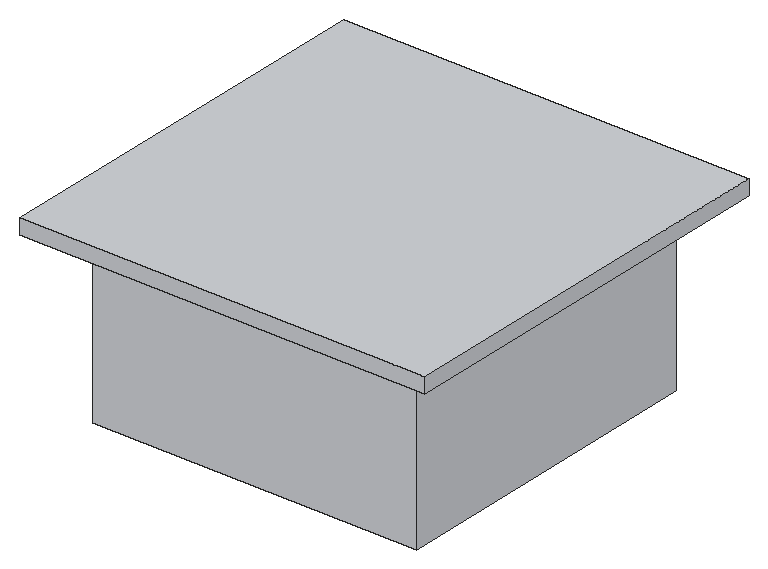
Revit family "2e686ea4b3ec4c448654fa5014c09d65", category Fire Alarm Devices, host Face, Revit 2021
Family settings
  Host = Face
  Maintain Annotation Orientation = Yes
  Round Connector Dimension = Use Diameter
  Part Type = Normal
  OmniClass Number = 23.85.30.21.11.17
  OmniClass Title = Other Components
  Seek Item ID = Fire Alarm Horn - Wall Mounted-0000-USA-ENU
  Cut with Voids When Loaded = No
  Shared = No
  Room Calculation Point = No
Parameters (values of type "Standard")
  Material = none
  Default Elevation = 4' - 0"
Reference planes (in)
  plane 1 "Center (Front/Back)": y = 0
  plane 2: z = 0
  plane 3 "Center (Left/Right)": x = 0
  plane 4: x = -2.5
  plane 5: x = 2.5
  plane 6: y = 2.5
  plane 7: y = -2.5
  plane 8: z = 0.1875
  plane 9: z = -2.125
  plane 10: y = 2
  plane 11: y = -2
  plane 12: x = -2
  plane 13: x = 2
Forms (in)
  Extrusion 1, solid, material <- "Material"
    sketch origin (0, 0, 0) x (1, 0, 0) y (0, 1, 0)
      loop
        line (-2.5, 2.5) -> (-2.5, -2.5) -> (2.5, -2.5) -> (2.5, 2.5) -> (-2.5, 2.5)
    from 0 to 0.1875
  Extrusion 2, solid, material <- "Material"
    sketch origin (0, 0, 0) x (1, 0, 0) y (0, 1, 0)
      loop
        line (-2, 2) -> (-2, -2) -> (2, -2) -> (2, 2) -> (-2, 2)
    from 0 to -2.125
Cuts and joins
  joined: Extrusion 1, Extrusion 2
Lines and regions (in)
  symbolic lines, detail levels fine
    curve 1: line (2.5, 0, 0.1875) -> (-2.5, 0, 0.1875)
    curve 2: line (-2.5, 0, 0.1875) -> (-2.5, 0, 0)
    curve 3: line (-2.5, 0, 0) -> (2.5, 0, 0)
    curve 4: line (-2, 0, 0) -> (-2, 0, -2.125)
    curve 5: line (-2, 0, -2.125) -> (2, 0, -2.125)
    curve 6: line (2, 0, -2.125) -> (2, 0, 0)
    curve 7: line (2.5, 0, 0) -> (2.5, 0, 0.1875)
Dimensions and locks (in)
  equal spacing: plane 4, plane 3 "Center (Left/Right)", plane 5
  equal spacing: plane 6, plane 1 "Center (Front/Back)", plane 7
  locked: plane 4 to plane 5 at 5
  locked: plane 6 to plane 7 at 5
  locked: plane 8 to plane 2 at 0.1875
  locked: plane 2 to plane 9 at 2.125
  equal spacing: plane 12, plane 3 "Center (Left/Right)", plane 13
  equal spacing: plane 10, plane 1 "Center (Front/Back)", plane 11
  locked: plane 10 to plane 11 at 4
  locked: plane 12 to plane 13 at 4
  aligned and locked: plane 2 to host face
  aligned and locked: level to host face
  aligned and locked: Extrusion 1 to plane 4
  aligned and locked: plane 5 to Extrusion 1
  aligned and locked: plane 6 to Extrusion 1
  aligned and locked: Extrusion 1 to plane 7
  aligned and locked: plane 8 to Extrusion 1
  aligned and locked: Extrusion 1 to plane 2
  aligned and locked: plane 2 to Extrusion 2
  aligned and locked: Extrusion 2 to plane 9
  aligned and locked: Extrusion 2 to plane 12
  aligned and locked: plane 13 to Extrusion 2
  aligned and locked: plane 10 to Extrusion 2
  aligned and locked: Extrusion 2 to plane 11
  aligned and locked: plane 1 "Center (Front/Back)" to nested 1
  aligned and locked: plane 3 "Center (Left/Right)" to nested 1
  aligned and locked: curve 1 to cut or joined group of Extrusion 1, Extrusion 2
  aligned and locked: curve 2 to cut or joined group of Extrusion 1, Extrusion 2
  aligned and locked: curve 3 to cut or joined group of Extrusion 1, Extrusion 2
  aligned and locked: curve 4 to cut or joined group of Extrusion 1, Extrusion 2
  aligned and locked: curve 5 to cut or joined group of Extrusion 1, Extrusion 2
  aligned and locked: curve 6 to cut or joined group of Extrusion 1, Extrusion 2
  aligned and locked: curve 7 to cut or joined group of Extrusion 1, Extrusion 2
Automatic sketch dimensions
  host sketch curve to host sketch curve = 8' - 0"  (x2)
  plane 4 to Extrusion 1 sketch curve = 0' - 0"
  plane 3 "Center (Left/Right)" to Extrusion 1 sketch curve = 0' - 2 1/2"
  plane 7 to Extrusion 1 sketch curve = 0' - 0"
  Extrusion 1 sketch curve to plane 1 "Center (Front/Back)" = 0' - 2 1/2"
  Extrusion 2 sketch curve to plane 3 "Center (Left/Right)" = 0' - 2"
  plane 3 "Center (Left/Right)" to Extrusion 2 sketch curve = 0' - 2"
  plane 1 "Center (Front/Back)" to Extrusion 2 sketch curve = 0' - 2"
  Extrusion 2 sketch curve to plane 6 = 0' - 0 1/2"
Nested families (in)
  nested 1: "Fire Alarm Horn - Wall Mounted Annotation" at (0, 0, 0), type "Fire Alarm Horn - Wall Mounted Annotation", detail levels coarse+medium
Connectors (in)
  electrical at (0, 2, -1.0625)
    settings: on Extrusion 2, index 1, voltage 0 V, apparent load 0 VA, apparent load phase1 0 VA, apparent load phase2 0 VA, apparent load phase3 0 VA, power factor 1, load classification "Other", number of poles 1, system type 11, power factor state 1, is connector primary yes, connector utility no, sub classification motor no, connector description ""
Definition of nested family "Fire Alarm Horn - Wall Mounted Annotation"
  Parameters
    Label Annotation = ""
  Reference planes (in)
    plane 1: y = 0
    plane 2: x = 0
  Lines and regions (in)
    reference lines
      curve 1: line (-0.03125, 0.24331, 0) -> (-0.03125, -0.25669, 0)
      curve 2: line (0.03125, 0.24331, 0) -> (0.03125, -0.33138, 0)
      curve 3: line (-1.15028, 0.0625, 0) -> (0.24818, 0.0625, 0)
      curve 4: line (-1.36482, 0.1875, 0) -> (0.24818, 0.1875, 0)
      curve 5: line (-0.0625, -0.07597, 0) -> (-0.0625, 0.59712, 0)
      curve 10: line (-0.18529, 0.3125, 0) -> (0.21118, 0.3125, 0)
      curve 11: line (0, -0.20113, 0) -> (0, 1.01617, 0)
      curve 15: line (0.0625, -0.28709, 0) -> (0.0625, 0.9197, 0)
    detail lines
      curve 6: line (-0.0625, 0.0625, 0) -> (-0.0625, 0.1875, 0)
      curve 7: line (0.0625, 0.0625, 0) -> (-0.0625, 0.0625, 0)
      curve 8: line (0.0625, 0.1875, 0) -> (0.0625, 0.0625, 0)
      curve 9: line (-0.0625, 0.1875, 0) -> (0.0625, 0.1875, 0)
      curve 12: line (-0.0625, 0.3125, 0) -> (0.0625, 0.3125, 0)
      curve 13: line (0, 0.1875, 0) -> (-0.0625, 0.3125, 0)
      curve 14: line (0, 0.1875, 0) -> (0.0625, 0.3125, 0)
      curve 16: line (0, 0.0625, 0) -> (0, 0, 0)
      curve 17: line (-0.03125, 0, 0) -> (0.03125, 0, 0)
  Dimensions and locks (in)
    locked: curve 1 to plane 2 at 0.03125
    locked: plane 2 to curve 2 at 0.03125
    locked: curve 4 to curve 10 at 0.125
    locked: curve 3 to curve 4 at 0.125
    locked: curve 15 to curve 5 at 0.125
    locked: curve 15 to curve 11 at 0.0625
    locked: plane 1 to curve 3 at 0.0625
    locked: curve 11 to plane 2
    aligned and locked: curve 3 to curve 16
    aligned and locked: plane 1 to curve 16
    aligned and locked: curve 16 to curve 11
    aligned and locked: curve 2 to curve 17
    aligned and locked: curve 1 to curve 17
    aligned and locked: plane 1 to curve 17
